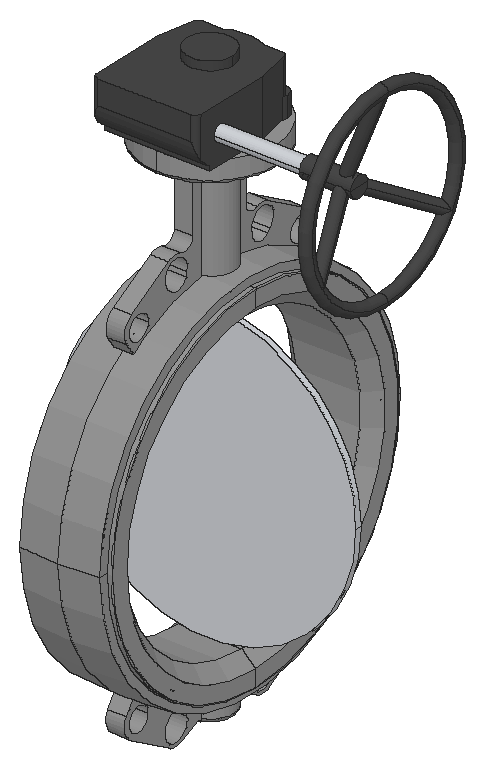
Revit family "Запорно-регулирующая заслонка с ручным редукторным приводом ZF-4219", category Rohrzubehör, Revit 2019 (continued)
Automatic sketch dimensions
  Extrusion 8 sketch curve to Extrusion 8 sketch curve = 11.576 mm
  Extrusion 8 sketch curve to Extrusion 8 sketch curve = 0.007 mm  (x2)
  Extrusion 8 sketch curve to Extrusion 8 sketch curve = 11.662 mm  (x2)
  Extrusion 8 sketch curve to Extrusion 8 sketch curve = 7.405 mm
  Extrusion 8 sketch curve to Extrusion 8 sketch curve = 9.76 mm  (x2)
  Extrusion 8 sketch curve to Extrusion 8 sketch curve = 46.144 mm
  Extrusion 8 sketch curve to Extrusion 8 sketch curve = 0.006 mm
  Extrusion 8 sketch curve to Extrusion 8 sketch curve = 0.159 mm  (x2)
  Extrusion 8 sketch curve to Extrusion 8 sketch curve = 0.225 mm  (x2)
  Extrusion 8 sketch curve to Extrusion 8 sketch curve = 3.156 mm
  Extrusion 7 sketch curve to Extrusion 7 sketch curve = 0 mm  (x29)
  Extrusion 7 sketch curve to level = 0 mm
  Extrusion 7 sketch curve to plane 1 "Mitte (Vorne/hinten)" = 0 mm
  Extrusion 7 sketch curve to Extrusion 7 sketch curve = 4.987 mm  (x2)
  plane 1 "Mitte (Vorne/hinten)" to Extrusion 7 sketch curve = 42.642 mm
  Extrusion 7 sketch curve to Extrusion 7 sketch curve = 3.28 mm  (x2)
  Extrusion 7 sketch curve to Extrusion 7 sketch curve = 14.935 mm  (x2)
  Extrusion 7 sketch curve to Extrusion 7 sketch curve = 11.589 mm  (x2)
  Extrusion 7 sketch curve to Extrusion 7 sketch curve = 14.868 mm  (x2)
  Extrusion 7 sketch curve to Extrusion 7 sketch curve = 33.628 mm  (x4)
  Extrusion 7 sketch curve to Extrusion 7 sketch curve = 3.946 mm  (x4)
  Extrusion 7 sketch curve to Extrusion 7 sketch curve = 12.021 mm  (x8)
  Extrusion 7 sketch curve to Extrusion 7 sketch curve = 8.075 mm  (x8)
  plane 1 "Mitte (Vorne/hinten)" to Extrusion 7 sketch curve = 21.03 mm
  Extrusion 7 sketch curve to Extrusion 7 sketch curve = 5.5 mm
  Extrusion 7 sketch curve to Extrusion 7 sketch curve = 0.54 mm  (x2)
  Extrusion 7 sketch curve to Extrusion 7 sketch curve = 0.103 mm
  Extrusion 7 sketch curve to Extrusion 7 sketch curve = 1.99 mm  (x2)
  plane 1 "Mitte (Vorne/hinten)" to Extrusion 7 sketch curve = 18.5 mm
  Extrusion 7 sketch curve to plane 1 "Mitte (Vorne/hinten)" = 18.5 mm  (x2)
  Extrusion 7 sketch curve to Extrusion 7 sketch curve = 1.897 mm
  Extrusion 7 sketch curve to Extrusion 7 sketch curve = 2 mm
  Extrusion 7 sketch curve to Extrusion 7 sketch curve = 21.612 mm
  Extrusion 7 sketch curve to level = 59.454 mm  (x2)
  Extrusion 7 sketch curve to Extrusion 7 sketch curve = 10.049 mm  (x4)
  Extrusion 7 sketch curve to Extrusion 7 sketch curve = 20.666 mm  (x2)
  Extrusion 7 sketch curve to Extrusion 7 sketch curve = 1.725 mm  (x2)
  Extrusion 7 sketch curve to Extrusion 7 sketch curve = 12.438 mm  (x4)
  level to Extrusion 7 sketch curve = 59.454 mm  (x2)
  Extrusion 7 sketch curve to Extrusion 7 sketch curve = 15.768 mm  (x2)
  Extrusion 7 sketch curve to Extrusion 7 sketch curve = 0.361 mm  (x2)
  Extrusion 7 sketch curve to Extrusion 7 sketch curve = 69.242 mm
  Extrusion 7 sketch curve to Extrusion 7 sketch curve = 0.014 mm
  Extrusion 7 sketch curve to Extrusion 7 sketch curve = 0.29 mm  (x2)
  Extrusion 6 sketch curve to Extrusion 6 sketch curve = 0 mm  (x31)
  Extrusion 6 sketch curve to level = 0 mm
  Extrusion 6 sketch curve to plane 1 "Mitte (Vorne/hinten)" = 0 mm
  plane 1 "Mitte (Vorne/hinten)" to Extrusion 6 sketch curve = 18.5 mm  (x2)
  Extrusion 6 sketch curve to Extrusion 6 sketch curve = 1.897 mm  (x2)
  Extrusion 6 sketch curve to Extrusion 6 sketch curve = 2 mm
  Extrusion 6 sketch curve to Extrusion 6 sketch curve = 4.154 mm  (x2)
  Extrusion 6 sketch curve to Extrusion 6 sketch curve = 5.603 mm
  Extrusion 6 sketch curve to Extrusion 6 sketch curve = 12 mm  (x2)
  Extrusion 6 sketch curve to Extrusion 6 sketch curve = 21.682 mm  (x2)
  Extrusion 6 sketch curve to Extrusion 6 sketch curve = 2.182 mm  (x2)
  Extrusion 6 sketch curve to Extrusion 6 sketch curve = 11.109 mm  (x4)
  Extrusion 6 sketch curve to Extrusion 6 sketch curve = 30.529 mm  (x4)
  Extrusion 6 sketch curve to Extrusion 6 sketch curve = 4.781 mm  (x4)
  Extrusion 6 sketch curve to Extrusion 6 sketch curve = 1.414 mm  (x8)
  Extrusion 6 sketch curve to Extrusion 6 sketch curve = 7.24 mm  (x8)
  Extrusion 6 sketch curve to Extrusion 6 sketch curve = 12.021 mm  (x8)
  Extrusion 6 sketch curve to plane 1 "Mitte (Vorne/hinten)" = 18.5 mm
  Extrusion 6 sketch curve to Extrusion 6 sketch curve = 7.5 mm
  Extrusion 6 sketch curve to Extrusion 6 sketch curve = 0.103 mm
  Extrusion 6 sketch curve to level = 50.036 mm  (x2)
  Extrusion 6 sketch curve to Extrusion 6 sketch curve = 17.112 mm  (x2)
  Extrusion 6 sketch curve to Extrusion 6 sketch curve = 9.185 mm  (x4)
  Extrusion 6 sketch curve to Extrusion 6 sketch curve = 20.608 mm  (x2)
  Extrusion 6 sketch curve to Extrusion 6 sketch curve = 12.868 mm  (x3)
  Extrusion 6 sketch curve to Extrusion 6 sketch curve = 9.096 mm  (x2)
  level to Extrusion 6 sketch curve = 50.036 mm  (x2)
  Extrusion 6 sketch curve to Extrusion 6 sketch curve = 17 mm
  Extrusion 6 sketch curve to Extrusion 6 sketch curve = 56.845 mm
  Extrusion 6 sketch curve to Extrusion 6 sketch curve = 0.017 mm
  Extrusion 6 sketch curve to Extrusion 6 sketch curve = 0.29 mm  (x2)
  Extrusion 5 sketch curve to Extrusion 5 sketch curve = 0 mm  (x25)
  Extrusion 5 sketch curve to level = 0 mm
  Extrusion 5 sketch curve to plane 1 "Mitte (Vorne/hinten)" = 0 mm
  plane 1 "Mitte (Vorne/hinten)" to Extrusion 5 sketch curve = 18.5 mm  (x2)
  Extrusion 5 sketch curve to Extrusion 5 sketch curve = 0.579 mm  (x2)
  Extrusion 5 sketch curve to Extrusion 5 sketch curve = 1.897 mm  (x2)
  Extrusion 5 sketch curve to Extrusion 5 sketch curve = 0.103 mm
  Extrusion 5 sketch curve to Extrusion 5 sketch curve = 5.603 mm
  Extrusion 5 sketch curve to Extrusion 5 sketch curve = 15.942 mm  (x4)
  Extrusion 5 sketch curve to Extrusion 5 sketch curve = 13 mm  (x2)
  Extrusion 5 sketch curve to Extrusion 5 sketch curve = 11.367 mm  (x4)
  Extrusion 5 sketch curve to Extrusion 5 sketch curve = 25.663 mm  (x4)
  Extrusion 5 sketch curve to Extrusion 5 sketch curve = 4.027 mm  (x4)
  Extrusion 5 sketch curve to Extrusion 5 sketch curve = 12.021 mm  (x5)
  Extrusion 5 sketch curve to Extrusion 5 sketch curve = 9.55 mm  (x4)
  Extrusion 5 sketch curve to Extrusion 5 sketch curve = 7.5 mm
  Extrusion 5 sketch curve to plane 1 "Mitte (Vorne/hinten)" = 18.5 mm  (x2)
  Extrusion 5 sketch curve to Extrusion 5 sketch curve = 2 mm
  Extrusion 5 sketch curve to level = 38.887 mm  (x2)
  Extrusion 5 sketch curve to Extrusion 5 sketch curve = 10.986 mm  (x3)
  Extrusion 5 sketch curve to Extrusion 5 sketch curve = 10.231 mm  (x3)
  Extrusion 5 sketch curve to Extrusion 5 sketch curve = 10.467 mm  (x4)
  Extrusion 5 sketch curve to Extrusion 5 sketch curve = 12.18 mm  (x2)
  Extrusion 5 sketch curve to Extrusion 5 sketch curve = 12.641 mm  (x4)
  Extrusion 5 sketch curve to Extrusion 5 sketch curve = 9.983 mm  (x2)
  level to Extrusion 5 sketch curve = 38.887 mm  (x2)
  Extrusion 5 sketch curve to Extrusion 5 sketch curve = 21.217 mm
  Extrusion 5 sketch curve to Extrusion 5 sketch curve = 16.969 mm  (x2)
  Extrusion 5 sketch curve to Extrusion 5 sketch curve = 51.117 mm
  Extrusion 5 sketch curve to Extrusion 5 sketch curve = 0.01 mm
  Extrusion 5 sketch curve to Extrusion 5 sketch curve = 0.29 mm  (x2)
  level to Extrusion 5 sketch curve = 49.873 mm
  Extrusion 4 sketch curve to Extrusion 4 sketch curve = 0 mm  (x28)
  Extrusion 4 sketch curve to level = 0 mm
  Extrusion 4 sketch curve to plane 1 "Mitte (Vorne/hinten)" = 0 mm
  plane 1 "Mitte (Vorne/hinten)" to Extrusion 4 sketch curve = 18.5 mm  (x2)
  Extrusion 4 sketch curve to Extrusion 4 sketch curve = 1.897 mm  (x2)
  Extrusion 4 sketch curve to Extrusion 4 sketch curve = 0.103 mm  (x2)
  Extrusion 4 sketch curve to Extrusion 4 sketch curve = 5.603 mm  (x2)
  Extrusion 4 sketch curve to Extrusion 4 sketch curve = 12.115 mm  (x4)
  Extrusion 4 sketch curve to Extrusion 4 sketch curve = 9 mm  (x2)
  Extrusion 4 sketch curve to Extrusion 4 sketch curve = 11.39 mm  (x2)
  Extrusion 4 sketch curve to Extrusion 4 sketch curve = 7.005 mm  (x2)
  Extrusion 4 sketch curve to Extrusion 4 sketch curve = 22.772 mm  (x4)
  Extrusion 4 sketch curve to Extrusion 4 sketch curve = 4.597 mm  (x4)
  Extrusion 4 sketch curve to Extrusion 4 sketch curve = 1.485 mm  (x4)
  Extrusion 4 sketch curve to Extrusion 4 sketch curve = 12.021 mm  (x4)
  Extrusion 4 sketch curve to Extrusion 4 sketch curve = 9.247 mm  (x4)
  Extrusion 4 sketch curve to plane 1 "Mitte (Vorne/hinten)" = 18.5 mm  (x2)
  Extrusion 4 sketch curve to level = 31.935 mm  (x2)
  Extrusion 4 sketch curve to Extrusion 4 sketch curve = 1.34 mm  (x4)
  Extrusion 4 sketch curve to Extrusion 4 sketch curve = 10.245 mm  (x4)
  Extrusion 4 sketch curve to Extrusion 4 sketch curve = 9.866 mm  (x4)
  Extrusion 4 sketch curve to Extrusion 4 sketch curve = 9.447 mm  (x4)
  Extrusion 4 sketch curve to Extrusion 4 sketch curve = 11.077 mm  (x4)
  Extrusion 4 sketch curve to Extrusion 4 sketch curve = 11.926 mm  (x2)
  level to Extrusion 4 sketch curve = 31.935 mm  (x2)
  Extrusion 4 sketch curve to Extrusion 4 sketch curve = 12.62 mm  (x2)
  Extrusion 4 sketch curve to Extrusion 4 sketch curve = 12.99 mm  (x2)
  Extrusion 4 sketch curve to Extrusion 4 sketch curve = 41.354 mm
  Extrusion 4 sketch curve to Extrusion 4 sketch curve = 0.018 mm
  Extrusion 4 sketch curve to Extrusion 4 sketch curve = 0.29 mm  (x2)
  Extrusion 3 sketch curve to Extrusion 3 sketch curve = 0 mm  (x23)
  Extrusion 3 sketch curve to level = 0 mm
  Extrusion 3 sketch curve to plane 1 "Mitte (Vorne/hinten)" = 0 mm
  plane 1 "Mitte (Vorne/hinten)" to Extrusion 3 sketch curve = 18 mm
  Extrusion 3 sketch curve to Extrusion 3 sketch curve = 1.897 mm  (x2)
  Extrusion 3 sketch curve to Extrusion 3 sketch curve = 0.103 mm  (x2)
  plane 1 "Mitte (Vorne/hinten)" to Extrusion 3 sketch curve = 22.391 mm
  Extrusion 3 sketch curve to Extrusion 3 sketch curve = 1.414 mm  (x14)
  Extrusion 3 sketch curve to Extrusion 3 sketch curve = 6.103 mm  (x2)
  Extrusion 3 sketch curve to Extrusion 3 sketch curve = 2 mm  (x2)
  Extrusion 3 sketch curve to Extrusion 3 sketch curve = 7.709 mm  (x4)
  Extrusion 3 sketch curve to Extrusion 3 sketch curve = 13.318 mm  (x5)
  Extrusion 3 sketch curve to Extrusion 3 sketch curve = 15.842 mm  (x5)
  Extrusion 3 sketch curve to Extrusion 3 sketch curve = 10.233 mm
  Extrusion 3 sketch curve to Extrusion 3 sketch curve = 3.184 mm  (x7)
  Extrusion 3 sketch curve to Extrusion 3 sketch curve = 6.315 mm  (x8)
  Extrusion 3 sketch curve to Extrusion 3 sketch curve = 3.021 mm  (x4)
  Extrusion 3 sketch curve to Extrusion 3 sketch curve = 5.303 mm  (x8)
  Extrusion 3 sketch curve to level = 23.805 mm  (x2)
  Extrusion 3 sketch curve to Extrusion 3 sketch curve = 3.106 mm  (x6)
  level to Extrusion 3 sketch curve = 23.805 mm  (x2)
  Extrusion 3 sketch curve to Extrusion 3 sketch curve = 6.654 mm  (x4)
  Extrusion 3 sketch curve to Extrusion 3 sketch curve = 9.77 mm  (x4)
  Extrusion 3 sketch curve to plane 1 "Mitte (Vorne/hinten)" = 18 mm
  Extrusion 3 sketch curve to plane 1 "Mitte (Vorne/hinten)" = 22.391 mm
  Extrusion 3 sketch curve to Extrusion 3 sketch curve = 5.708 mm  (x2)
  Extrusion 3 sketch curve to Extrusion 3 sketch curve = 3.131 mm
  level to Extrusion 3 sketch curve = 42.831 mm
  Extrusion 3 sketch curve to Extrusion 3 sketch curve = 4.045 mm
  Extrusion 3 sketch curve to Extrusion 3 sketch curve = 12.379 mm
  Extrusion 3 sketch curve to Extrusion 3 sketch curve = 68.43 mm
  Extrusion 3 sketch curve to Extrusion 3 sketch curve = 0.003 mm
  Extrusion 3 sketch curve to Extrusion 3 sketch curve = 0.316 mm  (x2)
  curve 12 to level = 0 mm
  curve 12 to plane 3 "Mitte (Links/rechts)" = 0 mm
  plane 1 "Mitte (Vorne/hinten)" to curve 6 = 0 mm
  curve 6 to plane 3 "Mitte (Links/rechts)" = 0 mm
  Revolve 1 sketch curve to plane 1 "Mitte (Vorne/hinten)" = 0 mm
  Revolve 1 sketch curve to Revolve 1 sketch curve = 0.987 mm
  Revolve 1 sketch curve to Revolve 1 sketch curve = 1.5 mm  (x4)
  Revolve 1 sketch curve to Revolve 1 sketch curve = 0.513 mm
  Revolve 1 sketch curve to Revolve 1 sketch curve = 0.915 mm  (x2)
  Revolve 1 sketch curve to Revolve 1 sketch curve = 1978.5 mm  (x2)
  Revolve 11 sketch curve to plane 1 "Mitte (Vorne/hinten)" = 0 mm  (x2)
  Revolve 11 sketch curve to Revolve 11 sketch curve = 3 mm
  Revolve 11 sketch curve to Revolve 11 sketch curve = 459.992 mm
  level to Revolve 11 sketch curve = 2741.474 mm
  Revolve 12 sketch curve to plane 1 "Mitte (Vorne/hinten)" = 0 mm  (x3)
  Revolve 12 sketch curve to Revolve 12 sketch curve = 1.895 mm
  Revolve 12 sketch curve to Revolve 12 sketch curve = 2 mm  (x2)
  Revolve 12 sketch curve to Revolve 12 sketch curve = 0.105 mm
  Revolve 12 sketch curve to level = 520.992 mm
  Revolve 12 sketch curve to Revolve 12 sketch curve = 2616.474 mm
  Revolve 13 sketch curve to level = 0 mm
  Revolve 13 sketch curve to Revolve 13 sketch curve = 1.492 mm
  Revolve 13 sketch curve to Revolve 13 sketch curve = 0.18 mm  (x2)
  Revolve 13 sketch curve to Revolve 13 sketch curve = 5.027 mm
  Revolve 13 sketch curve to Revolve 13 sketch curve = 1 mm
  Revolve 13 sketch curve to Revolve 13 sketch curve = 0.999 mm  (x2)
  Revolve 13 sketch curve to Revolve 13 sketch curve = 0.27 mm
  Revolve 13 sketch curve to Revolve 13 sketch curve = 0.957 mm
  Revolve 13 sketch curve to Revolve 13 sketch curve = 1328.99 mm
  Revolve 13 sketch curve to Revolve 13 sketch curve = 1875.983 mm
  Extrusion 14 sketch curve to level = 0 mm
  Extrusion 14 sketch curve to plane 3 "Mitte (Links/rechts)" = 0 mm
  radius of Extrusion 10 sketch curve = 12 mm  (x4)
  radius of Extrusion 9 sketch curve = 9.5 mm  (x4)
  radius of Extrusion 9 sketch curve = 14 mm  (x4)
  radius of Extrusion 7 sketch curve = 11.5 mm  (x4)
  radius of Extrusion 7 sketch curve = 9.5 mm  (x4)
  radius of Extrusion 6 sketch curve = 9.5 mm  (x8)
  radius of Extrusion 5 sketch curve = 9.5 mm  (x8)
  radius of Extrusion 4 sketch curve = 9.5 mm  (x8)
  radius of curve 12 = 7 mm
  radius of curve 6 = 5 mm
Nested families
  nested 1: "Herz-Logo-vorne" at (-23, 0, 197.5), type "Herz-Logo-vorne"
  nested 2: "Getriebe für Klappe DN50-DN200" at (0, 0, 125), visible <- "DN 50", type "Getriebe für Klappe DN50-DN200"
  nested 3: "Getriebe für Klappe DN50-DN200" at (0, 0, 149.5), visible <- "DN 65", type "Getriebe für Klappe DN50-DN200"
  nested 4: "Getriebe für Klappe DN50-DN200" at (0, 0, 156.5), visible <- "DN 80", type "Getriebe für Klappe DN50-DN200"
  nested 5: "Getriebe für Klappe DN50-DN200" at (0, 0, 182), visible <- "DN100", type "Getriebe für Klappe DN50-DN200"
  nested 6: "Getriebe für Klappe DN50-DN200" at (0, 0, 201), visible <- "DN125", type "Getriebe für Klappe DN50-DN200"
  nested 7: "Getriebe für Klappe DN50-DN200" at (0, 0, 214), visible <- "DN150", type "Getriebe für Klappe DN50-DN200"
  nested 8: "Getriebe für Klappe DN50-DN200" at (0, 0, 245), visible <- "DN200", type "Getriebe für Klappe DN50-DN200"
  nested 9: "Getriebe für Klappe DN250-DN300" at (0, 0, 283), visible <- "DN250", type "Getriebe für Klappe DN250-DN300"
  nested 10: "Getriebe für Klappe DN250-DN300" at (0, 0, 308), visible <- "DN300", type "Getriebe für Klappe DN250-DN300"
Connectors
  piping at (44.7, 0, 0), diameter 300, driven by "Nennweite"
    settings: on Revolve 13, index 1, connector inside diameter 609.6 mm, connector length 0 mm, flow factor 0, pipe flow 0.0 L/s, pressure drop 0.0 Pa, fitting loss kfactor 0, connector angle 0.00°, fixture units 0, engagement length 0 mm, angle of deflection 0.00°, flow configuration 0, flow direction 0, fitting loss method 0, system type 29, joint type 0, gender type 0, connector reference index -1, connector utility 0, adjustable connector no, is connector primary yes, connector description ""
  piping at (-44.7, 0, 0), diameter 300, driven by "Nennweite"
    settings: on Revolve 13, index 2, connector inside diameter 609.6 mm, connector length 0 mm, flow factor 0, pipe flow 0.0 L/s, pressure drop 0.0 Pa, fitting loss kfactor 0, connector angle 0.00°, fixture units 0, engagement length 0 mm, angle of deflection 0.00°, flow configuration 0, flow direction 0, fitting loss method 0, system type 29, joint type 0, gender type 0, connector reference index -1, connector utility 0, adjustable connector no, is connector primary no, connector description ""
Definition of nested family "Herz-Logo-vorne"
  Reference planes
    plane 1 "Mitte (Vorne/hinten)": y = 0
    plane 2: z = 0
    plane 3 "Mitte (Links/rechts)": x = 0
  Forms (mm)
    Extrusion 1, solid
      sketch origin (0.732, -0.018, 0.017) x (0, -1, 0) y (0, 0, 1)
        loop
          line (-0.018, -4.517) -> (4.482, -4.517) -> (4.482, 4.483) -> (-4.518, 4.483) -> (-4.518, -4.517) -> (-0.018, -4.517)
        loop
          line (-0.05, -3.48) -> (3.482, -3.48) -> (3.482, 3.483) -> (-3.518, 3.483) -> (-3.518, -3.48) -> (-0.05, -3.48)
        loop
          arc (-0.018, 2.383) -> (-1.543, 3.287) -> (-3.067, 2.383) r 1.738
          arc (-3.067, 2.383) -> (-3.191, 1.899) -> (-3.067, 1.415) r 1.009
          line (-3.067, 1.415) -> (-0.018, -3.281) -> (3.032, 1.415)
          arc (3.032, 1.415) -> (3.156, 1.899) -> (3.032, 2.383) r 1.009
          arc (3.032, 2.383) -> (1.507, 3.287) -> (-0.018, 2.383) r 1.738
        loop
          arc (1.885, 1.272) -> (2.005, 1.675) -> (1.885, 2.079) r 0.74
          arc (1.885, 2.079) -> (1.265, 2.416) -> (0.644, 2.079) r 0.74
          line (0.644, 2.079) -> (-0.018, 0.97) -> (-0.679, 2.079)
          arc (-0.679, 2.079) -> (-1.3, 2.416) -> (-1.921, 2.079) r 0.74
          arc (-1.921, 2.079) -> (-2.04, 1.675) -> (-1.921, 1.272) r 0.74
          line (-1.921, 1.272) -> (-0.018, -1.658) -> (1.885, 1.272)
      from 0 to 1.5
  Dimensions and locks
    aligned and locked: level to plane 2
Definition of nested family "Getriebe für Klappe DN50-DN200"
  Parameters (values of type "Getriebe für Klappe DN50-DN200")
    W01 = 11.19°  # constant formula
    URL = "www.herz-armaturen.at"
    R07 = 92 mm  # constant formula
    R06 = 6 mm  # constant formula
    R05 = 10 mm  # constant formula
    R04 = 7.5 mm  # constant formula
    R03 = 10.5 mm  # constant formula
    R02 = 5.4 mm  # constant formula
    R01 = 44.9 mm  # constant formula
    M01 = 37 mm  # constant formula
    L03 = 52 mm  # constant formula
    L02 = 39.6 mm  # constant formula
    L01 = 80 mm  # constant formula
    Manufacturer = "Herz-Armaturen GmbH"  # constant formula
    H03 = 28.6 mm  # constant formula
    H02 = 20 mm  # constant formula
    H01 = 54 mm  # constant formula
    B05 = 209 mm  # constant formula
    B04 = 22 mm  # constant formula
    B03 = 50 mm  # constant formula
    B02 = 159 mm  # constant formula
    B01 = 51 mm  # constant formula
    A01 = 28.6 mm  # constant formula
  Reference planes
    plane 1 "Mitte (Vorne/hinten)": y = 0
    plane 2: z = 0
    plane 3 "Mitte (Links/rechts)": x = 0
  Forms (mm)
    Extrusion 1, solid, detail levels fine
      sketch origin (0, 0, 0) x (1, 0, 0) y (0, 1, 0)
        loop
          line (51, 0) -> (43.999, 35.392)
          arc (43.999, 35.392) -> (42.103, 38.419) -> (38.732, 39.6) r 5.4
          line (38.732, 39.6) -> (20.252, 39.6)
          arc (20.252, 39.6) -> (0, 44.427) -> (-20.252, 39.6) r 44.9
          line (-20.252, 39.6) -> (-38.732, 39.6)
          arc (-38.732, 39.6) -> (-42.103, 38.419) -> (-43.999, 35.392) r 5.4
          line (-43.999, 35.392) -> (-51, 0) -> (-51, -74.6)
          arc (-51, -74.6) -> (-49.418, -78.418) -> (-45.6, -80) r 5.4
          line (-45.6, -80) -> (45.6, -80)
          arc (45.6, -80) -> (49.418, -78.418) -> (51, -74.6) r 5.4
          line (51, -74.6) -> (51, 0)
      from 0 to 54
    Extrusion 2, solid, detail levels fine
      sketch origin (0, 0, 0) x (1, 0, 0) y (0, 1, 0)
        loop
          circle (-35.7, 37) r 10.5
        loop
          circle (35.7, 37) r 10.5
      from 0 to 20
    Extrusion 3, void
      sketch origin (0, 0, 0) x (0, 1, 0) y (0, 0, 1)
        loop
          line (-80, 0) -> (-64.573, 0) -> (-64.573, 4.9)
          arc (-64.573, 4.9) -> (-75.841, 15.433) -> (-80, 30.286) r 28.6
          line (-80, 30.286) -> (-80, 0)
      from -51 to 51
    Revolve 4, solid, detail levels fine
      sketch origin (0, 0, 28.6) x (1, 0, 0) y (0, 1, 0)
        loop
          line (0, -52) -> (0, -59.5) -> (159, -59.5) -> (159, -52) -> (0, -52)
        axis (0, -52) -> (159, -52)
      angle from 0 to 360
    Extrusion 5, solid, detail levels fine
      sketch origin (0, 0, 0) x (1, 0, 0) y (0, 1, 0)
        loop
          circle (0, 0) r 22.3
      from 54 to 63
    Revolve 6, solid, detail levels fine
      sketch origin (0, -52, 28.6) x (1, 0, 0) y (0, 0, 1)
        loop
          circle (209, 92) r 6
        axis (203, 0) -> (215, 0)
      angle from 0 to 360
    Revolve 7, solid, detail levels fine
      sketch origin (0, -52, 0) x (1, 0, 0) y (0, 0, 1)
        loop
          line (209, 120.6) -> (172, 28.6) -> (177.567, 26.361) -> (214.567, 118.361) -> (209, 120.6)
        axis (172, 28.6) -> (209, 120.6)
      angle from 0 to 360
    Revolve 8, solid, detail levels fine
      sketch origin (0, 0, 28.6) x (1, 0, 0) y (0, 1, 0)
        loop
          line (137, -59.5) -> (137, -62) -> (187, -62) -> (187, -52) -> (159, -52) -> (159, -59.5) -> (137, -59.5)
        axis (137, -52) -> (187, -52)
      angle from 0 to 360
    Revolve 9, solid, detail levels fine
      sketch origin (0, -27.232, 42.9) x (1, 0, 0) y (0, -0.866025, -0.5)
        loop
          line (209, 120.6) -> (172, 28.6) -> (177.567, 26.361) -> (214.567, 118.361) -> (209, 120.6)
        axis (172, 28.6) -> (209, 120.6)
      angle from 0 to 360
    Revolve 10, solid, detail levels fine
      sketch origin (0, -76.768, 42.9) x (1, 0, 0) y (0, 0.866025, -0.5)
        loop
          line (209, 120.6) -> (172, 28.6) -> (177.567, 26.361) -> (214.567, 118.361) -> (209, 120.6)
        axis (172, 28.6) -> (209, 120.6)
      angle from 0 to 360
  Cuts and joins
    Extrusion 3 cuts Extrusion 1
  Dimensions and locks
    "B01": Extrusion 1 sketch curve to plane 3 "Mitte (Links/rechts)"
    "B01": plane 3 "Mitte (Links/rechts)" to Extrusion 1 sketch curve
    "L02": plane 1 "Mitte (Vorne/hinten)" to Extrusion 1 sketch curve  (x2)
    "L01": Extrusion 1 sketch curve to plane 1 "Mitte (Vorne/hinten)"
    "M01": plane 1 "Mitte (Vorne/hinten)" to Extrusion 2 sketch curve  (x2)
    "H01": Extrusion 1 to plane 2
    "H02": Extrusion 2 to plane 2
    "L03": Revolve 4 sketch curve to plane 1 "Mitte (Vorne/hinten)"
    "R04": Revolve 4 sketch curve to Revolve 4 sketch curve
    "B02": Revolve 4 sketch curve to Revolve 4 sketch curve
    "H03": Revolve 8 to plane 2
    "H03": Revolve 4 to plane 2
    "L03": Revolve 8 sketch curve to plane 1 "Mitte (Vorne/hinten)"
    "B02": plane 3 "Mitte (Links/rechts)" to Revolve 8 sketch curve
    "R05": Revolve 8 sketch curve to Revolve 8 sketch curve
    "B03": Revolve 8 sketch curve to Revolve 8 sketch curve
    "B04": Revolve 8 sketch curve to Revolve 8 sketch curve
    "R04": Revolve 8 sketch curve to Revolve 8 sketch curve
    "B05": Revolve 6 sketch curve to plane 3 "Mitte (Links/rechts)"
    "R07": Revolve 6 sketch curve to Revolve 6 sketch curve
    "A01": plane 2 to Revolve 6 sketch curve
    "R02": radius of Extrusion 1 sketch curve  (x4)
    "R01": radius of Extrusion 1 sketch curve
    "R03": radius of Extrusion 2 sketch curve  (x2)
    "R06": radius of Revolve 6 sketch curve
    "W01": angle Extrusion 1 sketch curve to Extrusion 1 sketch curve  (x2)
    aligned and locked: level to plane 2
  Automatic sketch dimensions
    Extrusion 3 sketch curve to level = 0 mm
    plane 1 "Mitte (Vorne/hinten)" to Extrusion 3 sketch curve = 80 mm
    Extrusion 3 sketch curve to Extrusion 3 sketch curve = 15.427 mm
    Extrusion 3 sketch curve to Extrusion 3 sketch curve = 13.173 mm
    level to Extrusion 3 sketch curve = 4.9 mm
    plane 1 "Mitte (Vorne/hinten)" to Extrusion 5 sketch curve = 0 mm
    Extrusion 5 sketch curve to plane 3 "Mitte (Links/rechts)" = 0 mm
    level to Revolve 7 sketch curve = 28.6 mm  (x2)
    plane 3 "Mitte (Links/rechts)" to Revolve 7 sketch curve = 172 mm
    level to Revolve 7 sketch curve = 26.361 mm
    Revolve 7 sketch curve to Revolve 7 sketch curve = 5.567 mm
    level to Revolve 7 sketch curve = 120.6 mm
    Revolve 7 sketch curve to Revolve 7 sketch curve = 0 mm  (x3)
    plane 3 "Mitte (Links/rechts)" to Revolve 10 sketch curve = 172 mm
    Revolve 10 sketch curve to Revolve 10 sketch curve = 5.567 mm
    Revolve 10 sketch curve to Revolve 10 sketch curve = 37 mm
    Revolve 10 sketch curve to Revolve 10 sketch curve = 2.239 mm
    Revolve 10 sketch curve to Revolve 10 sketch curve = 0 mm  (x4)
    plane 3 "Mitte (Links/rechts)" to Revolve 9 sketch curve = 172 mm
    Revolve 9 sketch curve to Revolve 9 sketch curve = 5.567 mm
    Revolve 9 sketch curve to Revolve 9 sketch curve = 37 mm
    Revolve 9 sketch curve to Revolve 9 sketch curve = 2.239 mm
    Revolve 9 sketch curve to Revolve 9 sketch curve = 0 mm  (x4)
    Extrusion 1 sketch curve to plane 3 "Mitte (Links/rechts)" = 0 mm
    plane 1 "Mitte (Vorne/hinten)" to Extrusion 1 sketch curve = 0 mm  (x2)
    Extrusion 1 sketch curve to plane 1 "Mitte (Vorne/hinten)" = 35.392 mm
    Extrusion 1 sketch curve to Extrusion 1 sketch curve = 18.48 mm  (x2)
    Extrusion 2 sketch curve to plane 3 "Mitte (Links/rechts)" = 35.7 mm
    plane 3 "Mitte (Links/rechts)" to Extrusion 2 sketch curve = 35.7 mm
    Revolve 4 sketch curve to plane 3 "Mitte (Links/rechts)" = 0 mm  (x2)
    Revolve 4 sketch curve to Revolve 4 sketch curve = 0 mm  (x2)
    Revolve 6 sketch curve to plane 3 "Mitte (Links/rechts)" = 1506.53 mm
    Revolve 6 sketch curve to Revolve 6 sketch curve = 1630.148 mm
    Revolve 8 sketch curve to Revolve 8 sketch curve = 7.5 mm
    Revolve 8 sketch curve to Revolve 8 sketch curve = 0 mm  (x2)
    radius of Extrusion 5 sketch curve = 22.3 mm
Definition of nested family "Getriebe für Klappe DN250-DN300"
  Parameters (values of type "Getriebe für Klappe DN250-DN300")
    W01 = 11.19°  # constant formula
    URL = "www.herz-armaturen.at"
    R07 = 92 mm  # constant formula
    R06 = 6 mm  # constant formula
    R05 = 10 mm  # constant formula
    R04 = 7.5 mm  # constant formula
    R03 = 10.5 mm  # constant formula
    R02 = 5.4 mm  # constant formula
    R01 = 44.9 mm  # constant formula
    M01 = 37 mm  # constant formula
    L03 = 52 mm  # constant formula
    L02 = 39.6 mm  # constant formula
    L01 = 80 mm  # constant formula
    Manufacturer = "Herz-Armaturen GmbH"  # constant formula
    H03 = 28.6 mm  # constant formula
    H02 = 20 mm  # constant formula
    H01 = 54 mm  # constant formula
    B05 = 209 mm  # constant formula
    B04 = 22 mm  # constant formula
    B03 = 50 mm  # constant formula
    B02 = 159 mm  # constant formula
    B01 = 51 mm  # constant formula
    A01 = 28.6 mm  # constant formula
  Reference planes
    plane 1 "Mitte (Vorne/hinten)": y = 0
    plane 2: z = 0
    plane 3 "Mitte (Links/rechts)": x = 0
  Forms (mm)
    Extrusion 1, solid, detail levels fine
      sketch origin (0, 0, 0) x (1, 0, 0) y (0, 1, 0)
        loop
          line (51, 0) -> (43.999, 35.392)
          arc (43.999, 35.392) -> (42.103, 38.419) -> (38.732, 39.6) r 5.4
          line (38.732, 39.6) -> (20.252, 39.6)
          arc (20.252, 39.6) -> (0, 44.427) -> (-20.252, 39.6) r 44.9
          line (-20.252, 39.6) -> (-38.732, 39.6)
          arc (-38.732, 39.6) -> (-42.103, 38.419) -> (-43.999, 35.392) r 5.4
          line (-43.999, 35.392) -> (-51, 0) -> (-51, -74.6)
          arc (-51, -74.6) -> (-49.418, -78.418) -> (-45.6, -80) r 5.4
          line (-45.6, -80) -> (45.6, -80)
          arc (45.6, -80) -> (49.418, -78.418) -> (51, -74.6) r 5.4
          line (51, -74.6) -> (51, 0)
      from 0 to 54
    Extrusion 2, solid, detail levels fine
      sketch origin (0, 0, 0) x (1, 0, 0) y (0, 1, 0)
        loop
          circle (-35.7, 37) r 10.5
        loop
          circle (35.7, 37) r 10.5
      from 0 to 20
    Extrusion 3, void
      sketch origin (0, 0, 0) x (0, 1, 0) y (0, 0, 1)
        loop
          line (-80, 0) -> (-64.573, 0) -> (-64.573, 4.9)
          arc (-64.573, 4.9) -> (-75.841, 15.433) -> (-80, 30.286) r 28.6
          line (-80, 30.286) -> (-80, 0)
      from -51 to 51
    Revolve 4, solid, detail levels fine
      sketch origin (0, 0, 28.6) x (1, 0, 0) y (0, 1, 0)
        loop
          line (0, -52) -> (0, -59.5) -> (159, -59.5) -> (159, -52) -> (0, -52)
        axis (0, -52) -> (159, -52)
      angle from 0 to 360
    Extrusion 5, solid, detail levels fine
      sketch origin (0, 0, 0) x (1, 0, 0) y (0, 1, 0)
        loop
          circle (0, 0) r 22.3
      from 54 to 62.5
    Revolve 6, solid, detail levels fine
      sketch origin (0, -52, 28.6) x (1, 0, 0) y (0, 0, 1)
        loop
          circle (209, 92) r 6
        axis (203, 0) -> (215, 0)
      angle from 0 to 360
    Revolve 7, solid, detail levels fine
      sketch origin (0, -52, 0) x (1, 0, 0) y (0, 0, 1)
        loop
          line (209, 120.6) -> (172, 28.6) -> (177.567, 26.361) -> (214.567, 118.361) -> (209, 120.6)
        axis (172, 28.6) -> (209, 120.6)
      angle from 0 to 360
    Revolve 8, solid, detail levels fine
      sketch origin (0, 0, 28.6) x (1, 0, 0) y (0, 1, 0)
        loop
          line (137, -59.5) -> (137, -62) -> (187, -62) -> (187, -52) -> (159, -52) -> (159, -59.5) -> (137, -59.5)
        axis (137, -52) -> (187, -52)
      angle from 0 to 360
    Revolve 9, solid, detail levels fine
      sketch origin (0, -27.232, 42.9) x (1, 0, 0) y (0, -0.866025, -0.5)
        loop
          line (209, 120.6) -> (172, 28.6) -> (177.567, 26.361) -> (214.567, 118.361) -> (209, 120.6)
        axis (172, 28.6) -> (209, 120.6)
      angle from 0 to 360
    Revolve 10, solid, detail levels fine
      sketch origin (0, -76.768, 42.9) x (1, 0, 0) y (0, 0.866025, -0.5)
        loop
          line (209, 120.6) -> (172, 28.6) -> (177.567, 26.361) -> (214.567, 118.361) -> (209, 120.6)
        axis (172, 28.6) -> (209, 120.6)
      angle from 0 to 360
  Cuts and joins
    Extrusion 3 cuts Extrusion 1
  Dimensions and locks
    "B01": Extrusion 1 sketch curve to plane 3 "Mitte (Links/rechts)"
    "B01": plane 3 "Mitte (Links/rechts)" to Extrusion 1 sketch curve
    "L02": plane 1 "Mitte (Vorne/hinten)" to Extrusion 1 sketch curve  (x2)
    "L01": Extrusion 1 sketch curve to plane 1 "Mitte (Vorne/hinten)"
    "M01": plane 1 "Mitte (Vorne/hinten)" to Extrusion 2 sketch curve  (x2)
    "H01": Extrusion 1 to plane 2
    "H02": Extrusion 2 to plane 2
    "L03": Revolve 4 sketch curve to plane 1 "Mitte (Vorne/hinten)"
    "R04": Revolve 4 sketch curve to Revolve 4 sketch curve
    "B02": Revolve 4 sketch curve to Revolve 4 sketch curve
    "H03": Revolve 8 to plane 2
    "H03": Revolve 4 to plane 2
    "L03": Revolve 8 sketch curve to plane 1 "Mitte (Vorne/hinten)"
    "B02": plane 3 "Mitte (Links/rechts)" to Revolve 8 sketch curve
    "R05": Revolve 8 sketch curve to Revolve 8 sketch curve
    "B03": Revolve 8 sketch curve to Revolve 8 sketch curve
    "B04": Revolve 8 sketch curve to Revolve 8 sketch curve
    "R04": Revolve 8 sketch curve to Revolve 8 sketch curve
    "B05": Revolve 6 sketch curve to plane 3 "Mitte (Links/rechts)"
    "R07": Revolve 6 sketch curve to Revolve 6 sketch curve
    "A01": plane 2 to Revolve 6 sketch curve
    "R02": radius of Extrusion 1 sketch curve  (x4)
    "R01": radius of Extrusion 1 sketch curve
    "R03": radius of Extrusion 2 sketch curve  (x2)
    "R06": radius of Revolve 6 sketch curve
    "W01": angle Extrusion 1 sketch curve to Extrusion 1 sketch curve  (x2)
    aligned and locked: level to plane 2
  Automatic sketch dimensions
    Extrusion 3 sketch curve to level = 0 mm
    plane 1 "Mitte (Vorne/hinten)" to Extrusion 3 sketch curve = 80 mm
    Extrusion 3 sketch curve to Extrusion 3 sketch curve = 15.427 mm
    Extrusion 3 sketch curve to Extrusion 3 sketch curve = 13.173 mm
    level to Extrusion 3 sketch curve = 4.9 mm
    plane 1 "Mitte (Vorne/hinten)" to Extrusion 5 sketch curve = 0 mm
    Extrusion 5 sketch curve to plane 3 "Mitte (Links/rechts)" = 0 mm
    level to Revolve 7 sketch curve = 28.6 mm  (x2)
    plane 3 "Mitte (Links/rechts)" to Revolve 7 sketch curve = 172 mm
    level to Revolve 7 sketch curve = 26.361 mm
    Revolve 7 sketch curve to Revolve 7 sketch curve = 5.567 mm
    level to Revolve 7 sketch curve = 120.6 mm
    Revolve 7 sketch curve to Revolve 7 sketch curve = 0 mm  (x3)
    plane 3 "Mitte (Links/rechts)" to Revolve 10 sketch curve = 172 mm
    Revolve 10 sketch curve to Revolve 10 sketch curve = 5.567 mm
    Revolve 10 sketch curve to Revolve 10 sketch curve = 37 mm
    Revolve 10 sketch curve to Revolve 10 sketch curve = 2.239 mm
    Revolve 10 sketch curve to Revolve 10 sketch curve = 0 mm  (x4)
    plane 3 "Mitte (Links/rechts)" to Revolve 9 sketch curve = 172 mm
    Revolve 9 sketch curve to Revolve 9 sketch curve = 5.567 mm
    Revolve 9 sketch curve to Revolve 9 sketch curve = 37 mm
    Revolve 9 sketch curve to Revolve 9 sketch curve = 2.239 mm
    Revolve 9 sketch curve to Revolve 9 sketch curve = 0 mm  (x4)
    Extrusion 1 sketch curve to plane 3 "Mitte (Links/rechts)" = 0 mm
    plane 1 "Mitte (Vorne/hinten)" to Extrusion 1 sketch curve = 0 mm  (x2)
    Extrusion 1 sketch curve to plane 1 "Mitte (Vorne/hinten)" = 35.392 mm
    Extrusion 1 sketch curve to Extrusion 1 sketch curve = 18.48 mm  (x2)
    Extrusion 2 sketch curve to plane 3 "Mitte (Links/rechts)" = 35.7 mm
    plane 3 "Mitte (Links/rechts)" to Extrusion 2 sketch curve = 35.7 mm
    Revolve 4 sketch curve to plane 3 "Mitte (Links/rechts)" = 0 mm  (x2)
    Revolve 4 sketch curve to Revolve 4 sketch curve = 0 mm  (x2)
    Revolve 6 sketch curve to plane 3 "Mitte (Links/rechts)" = 1506.53 mm
    Revolve 6 sketch curve to Revolve 6 sketch curve = 1630.148 mm
    Revolve 8 sketch curve to Revolve 8 sketch curve = 7.5 mm
    Revolve 8 sketch curve to Revolve 8 sketch curve = 0 mm  (x2)
    radius of Extrusion 5 sketch curve = 22.3 mm
